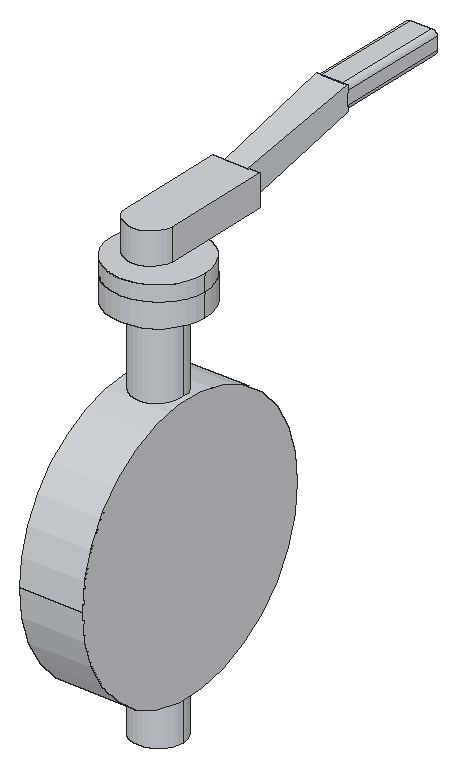
Revit family "HS497-67_disk-litina-s pákou DN200-RFA_2019", category Pipe Accessories, Revit 2019
Family settings
  Round Connector Dimension = Use Diameter
  Part Type = Valve - Breaks Into
  Work Plane-Based = No
  Always vertical = Yes
  Cut with Voids When Loaded = No
  Shared = No
Parameters (values of type "HS 497-67_DN200_PN16_s pákou")
  magiProductId = "f88d96c7af224537a51e72d7d8fffe"
  magiProductFamilyId = "53cea81e6f374d17b8841d9c72ad77"
  magiPartTypeId = 305
  isMeasuringValve [instance] = no
  ang2D [instance] = 0.00°
  X11 = 61.456 mm
  X1 = 25.456 mm
  W2D = 1000 mm
  VersionID = "2.0/2017.9.26.1/ZETKAMA_497_001"
  Use Minimum Symbol Size [instance] = yes
  URL = "http://www.hydronix.cz"
  Type Comments = "mezipřírubová; litinový disk; PN16; -10~+110°C (krátkodobě +120°C)"
  SW30 = no
  SW3 = no
  SW21 = no
  SW20 = yes
  SW2 = yes
  SW1 = no
  R = 100 mm
  QmdConnectorList = "301;D;302;D"
  Productdata [instance] = ""
  NC = 50 mm
  Model = ""
  Manufacturer = "Hydronix"  # constant formula
  MM20 = 25.456 mm
  MC Product Code = "120 200 (litinový disk, s pákou; DN200; PN16, kvs2675)"
  M41 = 66 mm
  M4 = 44 mm
  LHL = 315 mm
  LHH3 = 3.75 mm
  LHH1 = 71.25 mm
  LH1 = 105 mm
  L4R__ve = -L4R  # -12.8 mm
  L4R = 12.8 mm
  L42__ve = -L42  # -96 mm
  L42 = 96 mm
  L41__ve = -L41  # -19.2 mm
  L41 = 19.2 mm
  L2D_Min = 3048 mm
  L2D = 216 mm
  L2 = 30 mm
  L1 = 48 mm
  L = 60 mm
  H = 33 mm
  G22 = 11.25 mm
  G2 = 22.5 mm
  G1 = 90 mm
  G = 90 mm
  F = 17 mm
  E44 = 31.25 mm
  E42 = 62.5 mm
  E4 = 125 mm
  E23 = 7.5 mm
  E22 = 30 mm
  E21 = 15 mm
  Description = "Mezipřírubová uzavírací klapka s pákou; litinový disk, DN200; PN16; kvs2675"
  DR2 = 100 mm
  DR = 257 mm
  DD1 = 15.625 mm
  DD = 12.5 mm
  D = 200 mm
  CAT0 = yes
  B2__ve = -B2  # -70 mm
  B2 = 70 mm
  A2 = 22.5 mm
  A1 = 102.5 mm
Types (43, lengths in mm): name | magiProductId | X11 | X1 | Type Comments | SW30 | SW3 | SW20 | SW2 | SW1 | R | NC | MM20 | MC Product Code | M41 | M4 | LHL | LHH3 | LHH1 | LH1 | L4R__ve | L4R | L42__ve | L42 | L41__ve | L41 | L2 | L1 | L | H | G | F | E44 | E42 | E4 | E23 | E22 | E21 | Description | DR2 | DR | DD1 | DD | D | B2__ve | B2 | A2 | A1
  HS 497-67_DN100_PN16_volné vřeteno | "65d1b245f4f142c78569c0602d5754" | 61.456 | 25.456 | "mezipřírubová; litinový disk; PN16; -10~+110°C (krátkodobě +120°C)" | no | no | no | no | yes | 50 | 50 | 25.456 | "123 100 (litinový disk, s volným vřetenem; DN100; PN16, kvs512)" | 66 | 44 | 220 | 2.45 | 46.55 | 73.333 | -12.8 | 12.8 | -96 | 96 | -19.2 | 19.2 | 26 | 41.6 | 52 | 30 | 90 | 11 | 31.25 | 62.5 | 125 | 4.9 | 19.6 | 9.8 | "Mezipřírubová uzavírací klapka s volným vřetenem; litinový disk, DN100; PN16; kvs512" | 50 | 147 | 15.625 | 12.5 | 100 | -56 | 56 | 16.5 | 98.5
  HS 497-67_DN100_PN16_převodové kolo | "11e91b807e674d428c8e796fcdcfe2" | 61.456 | 25.456 | "mezipřírubová; litinový disk; PN16; -10~+110°C (krátkodobě +120°C)" | yes | yes | no | no | no | 50 | 50 | 25.456 | "125 100 (litinový disk, s převodovým kolem; DN100; PN16, kvs512)" | 65.25 | 43.5 | 220 | 2.45 | 46.55 | 73.333 | -12.8 | 12.8 | -96 | 96 | -19.2 | 19.2 | 26 | 41.6 | 52 | 30 | 90 | 11 | 31.25 | 62.5 | 125 | 4.9 | 19.6 | 9.8 | "Mezipřírubová uzavírací klapka s převodovým kolem; litinový disk, DN100; PN16; kvs512" | 50 | 147 | 15.625 | 12.5 | 100 | -56 | 56 | 16.5 | 98.5
  HS 497-67_DN100_PN16_s pákou | "28172f0b3f4b47b28323ac71cf8749" | 61.456 | 25.456 | "mezipřírubová; litinový disk; PN16; -10~+110°C (krátkodobě +120°C)" | no | no | yes | yes | no | 50 | 50 | 25.456 | "120 100 (litinový disk, s pákou; DN100; PN16, kvs512)" | 66 | 44 | 260 | 3 | 57 | 86.667 | -12.8 | 12.8 | -96 | 96 | -19.2 | 19.2 | 26 | 41.6 | 52 | 30 | 90 | 11 | 31.25 | 62.5 | 125 | 6 | 24 | 12 | "Mezipřírubová uzavírací klapka s pákou; litinový disk, DN100; PN16; kvs512" | 50 | 147 | 15.625 | 12.5 | 100 | -56 | 56 | 16.5 | 98.5
  HS 497-67_DN125_PN16_volné vřeteno | "0d813d910fc14f628bb3c2efbd185c" | 61.456 | 25.456 | "mezipřírubová; litinový disk; PN16; -10~+110°C (krátkodobě +120°C)" | no | no | no | no | yes | 62.5 | 50 | 25.456 | "123 125 (litinový disk, s volným vřetenem; DN125; PN16, kvs872)" | 66 | 44 | 220 | 2.45 | 46.55 | 73.333 | -12.8 | 12.8 | -96 | 96 | -19.2 | 19.2 | 28 | 44.8 | 56 | 33 | 90 | 14 | 31.25 | 62.5 | 125 | 4.9 | 19.6 | 9.8 | "Mezipřírubová uzavírací klapka s volným vřetenem; litinový disk, DN125; PN16; kvs872" | 62.5 | 180 | 15.625 | 12.5 | 125 | -64 | 64 | 18 | 99.5
  HS 497-67_DN125_PN16_převodové kolo | "c56b7c13f372467684996fb1e0e229" | 61.456 | 25.456 | "mezipřírubová; litinový disk; PN16; -10~+110°C (krátkodobě +120°C)" | yes | yes | no | no | no | 62.5 | 50 | 25.456 | "125 125 (litinový disk, s převodovým kolem; DN125; PN16, kvs872)" | 65.25 | 43.5 | 220 | 2.45 | 46.55 | 73.333 | -13.5 | 13.5 | -101.25 | 101.25 | -20.25 | 20.25 | 28 | 44.8 | 56 | 33 | 90 | 14 | 40 | 80 | 160 | 4.9 | 19.6 | 9.8 | "Mezipřírubová uzavírací klapka s převodovým kolem; litinový disk, DN125; PN16; kvs872" | 62.5 | 180 | 20 | 16 | 125 | -64 | 64 | 18 | 99.5
  HS 497-67_DN125_PN16_s pákou | "105993c79a91492399feef7931321a" | 61.456 | 25.456 | "mezipřírubová; litinový disk; PN16; -10~+110°C (krátkodobě +120°C)" | no | no | yes | yes | no | 62.5 | 50 | 25.456 | "120 125 (litinový disk, s pákou; DN125; PN16, kvs872)" | 66 | 44 | 315 | 3.75 | 71.25 | 105 | -12.8 | 12.8 | -96 | 96 | -19.2 | 19.2 | 28 | 44.8 | 56 | 33 | 90 | 14 | 31.25 | 62.5 | 125 | 7.5 | 30 | 15 | "Mezipřírubová uzavírací klapka s pákou; litinový disk, DN125; PN16; kvs872" | 62.5 | 180 | 15.625 | 12.5 | 125 | -64 | 64 | 18 | 99.5
  HS 497-67_DN150_PN16_volné vřeteno | "50c80cb8ab434f55ab7796e5ac1331" | 61.456 | 25.456 | "mezipřírubová; litinový disk; PN16; -10~+110°C (krátkodobě +120°C)" | no | no | no | no | yes | 75 | 50 | 25.456 | "123 150 (litinový disk, s volným vřetenem; DN150; PN16, kvs1347)" | 66 | 44 | 220 | 2.45 | 46.55 | 73.333 | -12.8 | 12.8 | -96 | 96 | -19.2 | 19.2 | 28 | 44.8 | 56 | 33 | 90 | 14 | 31.25 | 62.5 | 125 | 4.9 | 19.6 | 9.8 | "Mezipřírubová uzavírací klapka s volným vřetenem; litinový disk, DN150; PN16; kvs1347" | 75 | 206 | 15.625 | 12.5 | 150 | -58 | 58 | 19.3 | 98.7
  HS 497-67_DN150_PN16_převodové kolo | "d94a1a0cf83b476eb10011b327f709" | 61.456 | 25.456 | "mezipřírubová; litinový disk; PN16; -10~+110°C (krátkodobě +120°C)" | yes | yes | no | no | no | 75 | 50 | 25.456 | "125 150 (litinový disk, s převodovým kolem; DN150; PN16, kvs1347)" | 65.25 | 43.5 | 220 | 2.45 | 46.55 | 73.333 | -13.5 | 13.5 | -101.25 | 101.25 | -20.25 | 20.25 | 28 | 44.8 | 56 | 33 | 90 | 14 | 40 | 80 | 160 | 4.9 | 19.6 | 9.8 | "Mezipřírubová uzavírací klapka s převodovým kolem; litinový disk, DN150; PN16; kvs1347" | 75 | 206 | 20 | 16 | 150 | -58 | 58 | 19.3 | 98.7
  HS 497-67_DN150_PN16_s pákou | "4d2835523fe84828bc50ff0a5a0dfb" | 61.456 | 25.456 | "mezipřírubová; litinový disk; PN16; -10~+110°C (krátkodobě +120°C)" | no | no | yes | yes | no | 75 | 50 | 25.456 | "120 150 (litinový disk, s pákou; DN150; PN16, kvs1347)" | 66 | 44 | 315 | 3.75 | 71.25 | 105 | -12.8 | 12.8 | -96 | 96 | -19.2 | 19.2 | 28 | 44.8 | 56 | 33 | 90 | 14 | 31.25 | 62.5 | 125 | 7.5 | 30 | 15 | "Mezipřírubová uzavírací klapka s pákou; litinový disk, DN150; PN16; kvs1347" | 75 | 206 | 15.625 | 12.5 | 150 | -58 | 58 | 19.3 | 98.7
  HS 497-67_DN200_PN16_volné vřeteno | "5b29029eaeba47139ee1055a4b9201" | 61.456 | 25.456 | "mezipřírubová; litinový disk; PN16; -10~+110°C (krátkodobě +120°C)" | no | no | no | no | yes | 100 | 50 | 25.456 | "123 200 (litinový disk, s volným vřetenem; DN200; PN16, kvs2675)" | 66 | 44 | 220 | 2.45 | 46.55 | 73.333 | -12.8 | 12.8 | -96 | 96 | -19.2 | 19.2 | 30 | 48 | 60 | 33 | 90 | 17 | 31.25 | 62.5 | 125 | 4.9 | 19.6 | 9.8 | "Mezipřírubová uzavírací klapka s volným vřetenem; litinový disk, DN200; PN16; kvs2675" | 100 | 257 | 15.625 | 12.5 | 200 | -70 | 70 | 22.5 | 102.5
  HS 497-67_DN200_PN16_převodové kolo | "b2793cc1fcc44cf2a35062cd67c04f" | 61.456 | 25.456 | "mezipřírubová; litinový disk; PN16; -10~+110°C (krátkodobě +120°C)" | yes | yes | no | no | no | 100 | 57 | 25.456 | "125 200 (litinový disk, s převodovým kolem; DN200; PN16, kvs2675)" | 78.75 | 52.5 | 220 | 2.45 | 46.55 | 73.333 | -15.2 | 15.2 | -114 | 114 | -22.8 | 22.8 | 30 | 48 | 60 | 33 | 90 | 17 | 50 | 100 | 200 | 4.9 | 19.6 | 9.8 | "Mezipřírubová uzavírací klapka s převodovým kolem; litinový disk, DN200; PN16; kvs2675" | 100 | 257 | 25 | 20 | 200 | -70 | 70 | 22.5 | 102.5
  HS 497-67_DN200_PN16_s pákou | "f88d96c7af224537a51e72d7d8fffe" | 61.456 | 25.456 | "mezipřírubová; litinový disk; PN16; -10~+110°C (krátkodobě +120°C)" | no | no | yes | yes | no | 100 | 50 | 25.456 | "120 200 (litinový disk, s pákou; DN200; PN16, kvs2675)" | 66 | 44 | 315 | 3.75 | 71.25 | 105 | -12.8 | 12.8 | -96 | 96 | -19.2 | 19.2 | 30 | 48 | 60 | 33 | 90 | 17 | 31.25 | 62.5 | 125 | 7.5 | 30 | 15 | "Mezipřírubová uzavírací klapka s pákou; litinový disk, DN200; PN16; kvs2675" | 100 | 257 | 15.625 | 12.5 | 200 | -70 | 70 | 22.5 | 102.5
  HS 497-67_DN250_PN16_volné vřeteno | "b662e8305ca2402b9c510e66e6aa55" | 88.77 | 36.77 | "mezipřírubová; litinový disk; PN16; -10~+110°C (krátkodobě +120°C)" | no | no | no | no | yes | 125 | 50 | 36.77 | "123 250 (litinový disk, s volným vřetenem; DN250; PN16, kvs4555)" | 66 | 44 | 220 | 2.45 | 46.55 | 73.333 | -12.8 | 12.8 | -96 | 96 | -19.2 | 19.2 | 34 | 54.4 | 68 | 23 | 130 | 22 | 31.25 | 62.5 | 125 | 4.9 | 19.6 | 9.8 | "Mezipřírubová uzavírací klapka s volným vřetenem; litinový disk, DN250; PN16; kvs4555" | 125 | 324 | 15.625 | 12.5 | 250 | -85 | 85 | 28.25 | 129.25
  HS 497-67_DN250_PN16_převodové kolo | "5ee9016806664ddfaa2632711f295c" | 88.77 | 36.77 | "mezipřírubová; litinový disk; PN16; -10~+110°C (krátkodobě +120°C)" | yes | yes | no | no | no | 125 | 70 | 36.77 | "125 250 (litinový disk, s převodovým kolem; DN250; PN16, kvs4555)" | 91.5 | 61 | 220 | 2.45 | 46.55 | 73.333 | -22.2 | 22.2 | -166.5 | 166.5 | -33.3 | 33.3 | 34 | 54.4 | 68 | 23 | 130 | 22 | 62.5 | 125 | 250 | 4.9 | 19.6 | 9.8 | "Mezipřírubová uzavírací klapka s převodovým kolem; litinový disk, DN250; PN16; kvs4555" | 125 | 324 | 31.25 | 25 | 250 | -85 | 85 | 28.25 | 129.25
  HS 497-67_DN300_PN16_volné vřeteno | "e1886f51ff004380a649519258edf2" | 88.77 | 36.77 | "mezipřírubová; litinový disk; PN16; -10~+110°C (krátkodobě +120°C)" | no | no | no | no | yes | 150 | 50 | 36.77 | "123 300 (litinový disk, s volným vřetenem; DN300; PN16, kvs7037)" | 66 | 44 | 220 | 2.45 | 46.55 | 73.333 | -12.8 | 12.8 | -96 | 96 | -19.2 | 19.2 | 39 | 62.4 | 78 | 23 | 130 | 22 | 31.25 | 62.5 | 125 | 4.9 | 19.6 | 9.8 | "Mezipřírubová uzavírací klapka s volným vřetenem; litinový disk, DN300; PN16; kvs7037" | 150 | 376 | 15.625 | 12.5 | 300 | -90 | 90 | 30.8 | 127.2
  HS 497-67_DN300_PN16_převodové kolo | "6860f094f77d42088fbebc3c97f755" | 88.77 | 36.77 | "mezipřírubová; litinový disk; PN16; -10~+110°C (krátkodobě +120°C)" | yes | yes | no | no | no | 150 | 70 | 36.77 | "125 300 (litinový disk, s převodovým kolem; DN300; PN16, kvs7037)" | 91.5 | 61 | 220 | 2.45 | 46.55 | 73.333 | -22.2 | 22.2 | -166.5 | 166.5 | -33.3 | 33.3 | 39 | 62.4 | 78 | 23 | 130 | 22 | 62.5 | 125 | 250 | 4.9 | 19.6 | 9.8 | "Mezipřírubová uzavírací klapka s převodovým kolem; litinový disk, DN300; PN16; kvs7037" | 150 | 376 | 31.25 | 25 | 300 | -90 | 90 | 30.8 | 127.2
  HS 497-67_DN032_PN16_volné vřeteno | "8c5f65de52aa4067a77564107e31b2" | 61.456 | 25.456 | "mezipřírubová; litinový disk; PN16; -10~+110°C (krátkodobě +120°C)" | no | no | no | no | yes | 16 | 50 | 25.456 | "123 032 (litinový disk, s volným vřetenem; DN32; PN16, kvs78)" | 66 | 44 | 220 | 2.45 | 46.55 | 73.333 | -12.8 | 12.8 | -96 | 96 | -19.2 | 19.2 | 16.5 | 26.4 | 33 | 30 | 90 | 11 | 31.25 | 62.5 | 125 | 4.9 | 19.6 | 9.8 | "Mezipřírubová uzavírací klapka s volným vřetenem; litinový disk, DN32; PN16; kvs78" | 16 | 68 | 15.625 | 12.5 | 32 | -44.2 | 44.2 | 10.25 | 76.25
  HS 497-67_DN032_PN16_převodové kolo | "60aaeffa8b3a4e809ef000e4660060" | 61.456 | 25.456 | "mezipřírubová; litinový disk; PN16; -10~+110°C (krátkodobě +120°C)" | yes | yes | no | no | no | 16 | 50 | 25.456 | "125 032 (litinový disk, s převodovým kolem; DN32; PN16, kvs78)" | 65.25 | 43.5 | 220 | 2.45 | 46.55 | 73.333 | -12.8 | 12.8 | -96 | 96 | -19.2 | 19.2 | 16.5 | 26.4 | 33 | 30 | 90 | 11 | 31.25 | 62.5 | 125 | 4.9 | 19.6 | 9.8 | "Mezipřírubová uzavírací klapka s převodovým kolem; litinový disk, DN32; PN16; kvs78" | 16 | 68 | 15.625 | 12.5 | 32 | -44.2 | 44.2 | 10.25 | 76.25
  HS 497-67_DN032_PN16_s pákou | "9ad8088d610749a1b871aa2aad8007" | 61.456 | 25.456 | "mezipřírubová; litinový disk; PN16; -10~+110°C (krátkodobě +120°C)" | no | no | yes | yes | no | 16 | 50 | 25.456 | "120 032 (litinový disk, s pákou; DN32; PN16, kvs78)" | 66 | 44 | 220 | 2.45 | 46.55 | 73.333 | -12.8 | 12.8 | -96 | 96 | -19.2 | 19.2 | 16.5 | 26.4 | 33 | 30 | 90 | 11 | 31.25 | 62.5 | 125 | 4.9 | 19.6 | 9.8 | "Mezipřírubová uzavírací klapka s pákou; litinový disk, DN32; PN16; kvs78" | 16 | 68 | 15.625 | 12.5 | 32 | -44.2 | 44.2 | 10.25 | 76.25
  HS 497-67_DN350_PN10_volné vřeteno | "72a1e05f22944421b7e9596a877137" | 109.255 | 45.255 | "mezipřírubová; litinový disk; PN10; -10~+110°C (krátkodobě +120°C)" | no | no | no | no | yes | 175 | 50 | 45.255 | "123 350 (litinový disk, s volným vřetenem; DN350; PN10, kvs10165)" | 66 | 44 | 220 | 2.45 | 46.55 | 73.333 | -12.8 | 12.8 | -96 | 96 | -19.2 | 19.2 | 39 | 62.4 | 78 | 31 | 160 | 22 | 31.25 | 62.5 | 125 | 4.9 | 19.6 | 9.8 | "Mezipřírubová uzavírací klapka s volným vřetenem; litinový disk, DN350; PN10; kvs10165" | 175 | 430 | 15.625 | 12.5 | 350 | -88 | 88 | 33.85 | 129.65
  HS 497-67_DN350_PN10_převodové kolo | "a5a01426cb28494ba3afca92f1dace" | 109.255 | 45.255 | "mezipřírubová; litinový disk; PN10; -10~+110°C (krátkodobě +120°C)" | yes | yes | no | no | no | 175 | 70 | 45.255 | "125 350 (litinový disk, s převodovým kolem; DN350; PN10, kvs10165)" | 91.5 | 61 | 220 | 2.45 | 46.55 | 73.333 | -22.2 | 22.2 | -166.5 | 166.5 | -33.3 | 33.3 | 39 | 62.4 | 78 | 31 | 160 | 22 | 62.5 | 125 | 250 | 4.9 | 19.6 | 9.8 | "Mezipřírubová uzavírací klapka s převodovým kolem; litinový disk, DN350; PN10; kvs10165" | 175 | 430 | 31.25 | 25 | 350 | -88 | 88 | 33.85 | 129.65
  HS 497-67_DN400_PN10_volné vřeteno | "c70ebeb927c04ab99b176e257ad0a7" | 109.255 | 45.255 | "mezipřírubová; litinový disk; PN10; -10~+110°C (krátkodobě +120°C)" | no | no | no | no | yes | 200 | 50 | 45.255 | "123 400 (litinový disk, s volným vřetenem; DN400; PN10, kvs13799)" | 66 | 44 | 220 | 2.45 | 46.55 | 73.333 | -12.8 | 12.8 | -96 | 96 | -19.2 | 19.2 | 51 | 81.6 | 102 | 31 | 160 | 27 | 31.25 | 62.5 | 125 | 4.9 | 19.6 | 9.8 | "Mezipřírubová uzavírací klapka s volným vřetenem; litinový disk, DN400; PN10; kvs13799" | 200 | 485 | 15.625 | 12.5 | 400 | -108 | 108 | 38 | 142
  HS 497-67_DN400_PN10_převodové kolo | "cc64a4384dcb41b780d81810f4f293" | 109.255 | 45.255 | "mezipřírubová; litinový disk; PN10; -10~+110°C (krátkodobě +120°C)" | yes | yes | no | no | no | 200 | 72.5 | 45.255 | "125 400 (litinový disk, s převodovým kolem; DN400; PN10, kvs13799)" | 103.5 | 69 | 220 | 2.45 | 46.55 | 73.333 | -27.8 | 27.8 | -208.5 | 208.5 | -41.7 | 41.7 | 51 | 81.6 | 102 | 31 | 160 | 27 | 75 | 150 | 300 | 4.9 | 19.6 | 9.8 | "Mezipřírubová uzavírací klapka s převodovým kolem; litinový disk, DN400; PN10; kvs13799" | 200 | 485 | 37.5 | 30 | 400 | -108 | 108 | 38 | 142
  HS 497-67_DN040_PN16_volné vřeteno | "35f92312390745e88df5b5c325d9ee" | 61.456 | 25.456 | "mezipřírubová; litinový disk; PN16; -10~+110°C (krátkodobě +120°C)" | no | no | no | no | yes | 20 | 50 | 25.456 | "123 040 (litinový disk, s volným vřetenem; DN40; PN16, kvs78)" | 66 | 44 | 220 | 2.45 | 46.55 | 73.333 | -12.8 | 12.8 | -96 | 96 | -19.2 | 19.2 | 16.5 | 26.4 | 33 | 30 | 90 | 11 | 31.25 | 62.5 | 125 | 4.9 | 19.6 | 9.8 | "Mezipřírubová uzavírací klapka s volným vřetenem; litinový disk, DN40; PN16; kvs78" | 20 | 76 | 15.625 | 12.5 | 40 | -36 | 36 | 11 | 79
  HS 497-67_DN040_PN16_převodové kolo | "d88e968eae3445bc9b7b4e6ff35127" | 61.456 | 25.456 | "mezipřírubová; litinový disk; PN16; -10~+110°C (krátkodobě +120°C)" | yes | yes | no | no | no | 20 | 50 | 25.456 | "125 040 (litinový disk, s převodovým kolem; DN40; PN16, kvs78)" | 65.25 | 43.5 | 220 | 2.45 | 46.55 | 73.333 | -12.8 | 12.8 | -96 | 96 | -19.2 | 19.2 | 16.5 | 26.4 | 33 | 30 | 90 | 11 | 31.25 | 62.5 | 125 | 4.9 | 19.6 | 9.8 | "Mezipřírubová uzavírací klapka s převodovým kolem; litinový disk, DN40; PN16; kvs78" | 20 | 76 | 15.625 | 12.5 | 40 | -36 | 36 | 11 | 79
  HS 497-67_DN040_PN16_s pákou | "c1b522ca65b4407a98818f232eaacb" | 61.456 | 25.456 | "mezipřírubová; litinový disk; PN16; -10~+110°C (krátkodobě +120°C)" | no | no | yes | yes | no | 20 | 50 | 25.456 | "120 040 (litinový disk, s pákou; DN40; PN16, kvs78)" | 66 | 44 | 220 | 2.45 | 46.55 | 73.333 | -12.8 | 12.8 | -96 | 96 | -19.2 | 19.2 | 16.5 | 26.4 | 33 | 30 | 90 | 11 | 31.25 | 62.5 | 125 | 4.9 | 19.6 | 9.8 | "Mezipřírubová uzavírací klapka s pákou; litinový disk, DN40; PN16; kvs78" | 20 | 76 | 15.625 | 12.5 | 40 | -36 | 36 | 11 | 79
  HS 497-67_DN450_PN10_volné vřeteno | "a8358bc282f14872b3194e530e590a" | 129.74 | 53.74 | "mezipřírubová; litinový disk; PN10; -10~+110°C (krátkodobě +120°C)" | no | no | no | no | yes | 225 | 50 | 53.74 | "123 450 (litinový disk, s volným vřetenem; DN450; PN10, kvs18514)" | 66 | 44 | 220 | 2.45 | 46.55 | 73.333 | -12.8 | 12.8 | -96 | 96 | -19.2 | 19.2 | 57 | 91.2 | 114 | 38 | 190 | 36 | 31.25 | 62.5 | 125 | 4.9 | 19.6 | 9.8 | "Mezipřírubová uzavírací klapka s volným vřetenem; litinový disk, DN450; PN10; kvs18514" | 225 | 536 | 15.625 | 12.5 | 450 | -115 | 115 | 38.05 | 117.45
  HS 497-67_DN450_PN10_převodové kolo | "cdf2d80f54a9414f9cbe50647c0ebd" | 129.74 | 53.74 | "mezipřírubová; litinový disk; PN10; -10~+110°C (krátkodobě +120°C)" | yes | yes | no | no | no | 225 | 91.5 | 53.74 | "125 450 (litinový disk, s převodovým kolem; DN450; PN10, kvs18514)" | 144.75 | 96.5 | 220 | 2.45 | 46.55 | 73.333 | -32.1 | 32.1 | -240.75 | 240.75 | -48.15 | 48.15 | 57 | 91.2 | 114 | 38 | 190 | 36 | 100 | 200 | 400 | 4.9 | 19.6 | 9.8 | "Mezipřírubová uzavírací klapka s převodovým kolem; litinový disk, DN450; PN10; kvs18514" | 225 | 536 | 50 | 40 | 450 | -115 | 115 | 38.05 | 117.45
  HS 497-67_DN500_PN10_volné vřeteno | "8c396e27bb2743f98f3c762b6517cd" | 143.397 | 59.397 | "mezipřírubová; litinový disk; PN10; -10~+110°C (krátkodobě +120°C)" | no | no | no | no | yes | 250 | 50 | 59.397 | "123 500 (litinový disk, s volným vřetenem; DN500; PN10, kvs23805)" | 66 | 44 | 220 | 2.45 | 46.55 | 73.333 | -12.8 | 12.8 | -96 | 96 | -19.2 | 19.2 | 63.5 | 101.6 | 127 | 38 | 210 | 36 | 31.25 | 62.5 | 125 | 4.9 | 19.6 | 9.8 | "Mezipřírubová uzavírací klapka s volným vřetenem; litinový disk, DN500; PN10; kvs23805" | 250 | 593 | 15.625 | 12.5 | 500 | -130 | 130 | 43.25 | 139.25
  HS 497-67_DN500_PN10_převodové kolo | "7647804f32e94cef828a7034a91a46" | 143.397 | 59.397 | "mezipřírubová; litinový disk; PN10; -10~+110°C (krátkodobě +120°C)" | yes | yes | no | no | no | 250 | 91.5 | 59.397 | "125 500 (litinový disk, s převodovým kolem; DN500; PN10, kvs23805)" | 144.75 | 96.5 | 220 | 2.45 | 46.55 | 73.333 | -32.1 | 32.1 | -240.75 | 240.75 | -48.15 | 48.15 | 63.5 | 101.6 | 127 | 38 | 210 | 36 | 100 | 200 | 400 | 4.9 | 19.6 | 9.8 | "Mezipřírubová uzavírací klapka s převodovým kolem; litinový disk, DN500; PN10; kvs23805" | 250 | 593 | 50 | 40 | 500 | -130 | 130 | 43.25 | 139.25
  HS 497-67_DN050_PN16_volné vřeteno | "d71f296ecd6d4adf8f6e5d9853b4e0" | 61.456 | 25.456 | "mezipřírubová; litinový disk; PN16; -10~+110°C (krátkodobě +120°C)" | no | no | no | no | yes | 25 | 50 | 25.456 | "123 050 (litinový disk, s volným vřetenem; DN50; PN16, kvs98)" | 66 | 44 | 220 | 2.45 | 46.55 | 73.333 | -12.8 | 12.8 | -96 | 96 | -19.2 | 19.2 | 21.5 | 34.4 | 43 | 30 | 90 | 11 | 31.25 | 62.5 | 125 | 4.9 | 19.6 | 9.8 | "Mezipřírubová uzavírací klapka s volným vřetenem; litinový disk, DN50; PN16; kvs98" | 25 | 100 | 15.625 | 12.5 | 50 | -36.5 | 36.5 | 12 | 83
  HS 497-67_DN050_PN16_převodové kolo | "2fb080deeaed49c58418b94c1da5a4" | 61.456 | 25.456 | "mezipřírubová; litinový disk; PN16; -10~+110°C (krátkodobě +120°C)" | yes | yes | no | no | no | 25 | 50 | 25.456 | "125 050 (litinový disk, s převodovým kolem; DN50; PN16, kvs98)" | 65.25 | 43.5 | 220 | 2.45 | 46.55 | 73.333 | -12.8 | 12.8 | -96 | 96 | -19.2 | 19.2 | 21.5 | 34.4 | 43 | 30 | 90 | 11 | 31.25 | 62.5 | 125 | 4.9 | 19.6 | 9.8 | "Mezipřírubová uzavírací klapka s převodovým kolem; litinový disk, DN50; PN16; kvs98" | 25 | 100 | 15.625 | 12.5 | 50 | -36.5 | 36.5 | 12 | 83
  HS 497-67_DN050_PN16_s pákou | "dabc632061f94877a994b9b4e68112" | 61.456 | 25.456 | "mezipřírubová; litinový disk; PN16; -10~+110°C (krátkodobě +120°C)" | no | no | yes | yes | no | 25 | 50 | 25.456 | "120 050 (litinový disk, s pákou; DN50; PN16, kvs98)" | 66 | 44 | 220 | 2.45 | 46.55 | 73.333 | -12.8 | 12.8 | -96 | 96 | -19.2 | 19.2 | 21.5 | 34.4 | 43 | 30 | 90 | 11 | 31.25 | 62.5 | 125 | 4.9 | 19.6 | 9.8 | "Mezipřírubová uzavírací klapka s pákou; litinový disk, DN50; PN16; kvs98" | 25 | 100 | 15.625 | 12.5 | 50 | -36.5 | 36.5 | 12 | 83
  HS 497-67_DN600_PN10_volné vřeteno | "99d5892c14664fce81a7c5903f7711" | 143.397 | 59.397 | "mezipřírubová; litinový disk; PN10; -10~+110°C (krátkodobě +120°C)" | no | no | no | no | yes | 300 | 50 | 59.397 | "123 600 (litinový disk, s volným vřetenem; DN600; PN10, kvs36778)" | 66 | 44 | 220 | 2.45 | 46.55 | 73.333 | -12.8 | 12.8 | -96 | 96 | -19.2 | 19.2 | 77 | 123.2 | 154 | 80 | 210 | 60 | 31.25 | 62.5 | 125 | 4.9 | 19.6 | 9.8 | "Mezipřírubová uzavírací klapka s volným vřetenem; litinový disk, DN600; PN10; kvs36788" | 300 | 690 | 15.625 | 12.5 | 600 | -140 | 140 | 49.4 | 144.6
  HS 497-67_DN600_PN10_převodové kolo | "b1e26faab48a4c499f6bb11e7e3002" | 143.397 | 59.397 | "mezipřírubová; litinový disk; PN10; -10~+110°C (krátkodobě +120°C)" | yes | yes | no | no | no | 300 | 140 | 59.397 | "125 600 (litinový disk, s převodovým kolem; DN600; PN10, kvs36778)" | 206.25 | 137.5 | 220 | 2.45 | 46.55 | 73.333 | -40.8 | 40.8 | -306 | 306 | -61.2 | 61.2 | 77 | 123.2 | 154 | 80 | 210 | 60 | 125 | 250 | 500 | 4.9 | 19.6 | 9.8 | "Mezipřírubová uzavírací klapka s převodovým kolem; litinový disk, DN600; PN10; kvs36788" | 300 | 690 | 62.5 | 50 | 600 | -140 | 140 | 49.4 | 144.6
  HS 497-67_DN065_PN16_volné vřeteno | "5e5e208646e34ec29f889baab5d08e" | 61.456 | 25.456 | "mezipřírubová; litinový disk; PN16; -10~+110°C (krátkodobě +120°C)" | no | no | no | no | yes | 32.5 | 50 | 25.456 | "123 065 (litinový disk, s volným vřetenem; DN65; PN16, kvs167)" | 66 | 44 | 220 | 2.45 | 46.55 | 73.333 | -12.8 | 12.8 | -96 | 96 | -19.2 | 19.2 | 23 | 36.8 | 46 | 30 | 90 | 11 | 31.25 | 62.5 | 125 | 4.9 | 19.6 | 9.8 | "Mezipřírubová uzavírací klapka s volným vřetenem; litinový disk, DN65; PN16; kv167" | 32.5 | 108 | 15.625 | 12.5 | 65 | -36.5 | 36.5 | 13.5 | 89
  HS 497-67_DN065_PN16_převodové kolo | "654d74c8d15540b0bfe523d988ccb3" | 61.456 | 25.456 | "mezipřírubová; litinový disk; PN16; -10~+110°C (krátkodobě +120°C)" | yes | yes | no | no | no | 32.5 | 50 | 25.456 | "125 065 (litinový disk, s převodovým kolem; DN65; PN16, kvs167)" | 65.25 | 43.5 | 220 | 2.45 | 46.55 | 73.333 | -12.8 | 12.8 | -96 | 96 | -19.2 | 19.2 | 23 | 36.8 | 46 | 30 | 90 | 11 | 31.25 | 62.5 | 125 | 4.9 | 19.6 | 9.8 | "Mezipřírubová uzavírací klapka s převodovým kolem; litinový disk, DN65; PN16; kvs167" | 32.5 | 108 | 15.625 | 12.5 | 65 | -36.5 | 36.5 | 13.5 | 89
  HS 497-67_DN065_PN16_s pákou | "ebeb4b59db0641caaf6d6635ab37b9" | 61.456 | 25.456 | "mezipřírubová; litinový disk; PN16; -10~+110°C (krátkodobě +120°C)" | no | no | yes | yes | no | 32.5 | 50 | 25.456 | "120 065 (litinový disk, s pákou; DN65; PN16, kvs167)" | 66 | 44 | 220 | 2.45 | 46.55 | 73.333 | -12.8 | 12.8 | -96 | 96 | -19.2 | 19.2 | 23 | 36.8 | 46 | 30 | 90 | 11 | 31.25 | 62.5 | 125 | 4.9 | 19.6 | 9.8 | "Mezipřírubová uzavírací klapka s pákou; litinový disk, DN65; PN16; kvs167" | 32.5 | 108 | 15.625 | 12.5 | 65 | -36.5 | 36.5 | 13.5 | 89
  HS 497-67_DN080_PN16_volné vřeteno | "9e85c75c18654e1185a9c48ed6b00e" | 61.456 | 25.456 | "mezipřírubová; litinový disk; PN16; -10~+110°C (krátkodobě +120°C)" | no | no | no | no | yes | 40 | 50 | 25.456 | "123 080 (litinový disk, s volným vřetenem; DN80; PN16, kvs258)" | 66 | 44 | 220 | 2.45 | 46.55 | 73.333 | -12.8 | 12.8 | -96 | 96 | -19.2 | 19.2 | 23 | 36.8 | 46 | 30 | 90 | 11 | 31.25 | 62.5 | 125 | 4.9 | 19.6 | 9.8 | "Mezipřírubová uzavírací klapka s volným vřetenem; litinový disk, DN80; PN16; kvs258" | 40 | 124 | 15.625 | 12.5 | 80 | -54 | 54 | 14.1 | 86.9
  HS 497-67_DN080_PN16_převodové kolo | "5b3c8238c3d041e68c75b199e7ea46" | 61.456 | 25.456 | "mezipřírubová; litinový disk; PN16; -10~+110°C (krátkodobě +120°C)" | yes | yes | no | no | no | 40 | 50 | 25.456 | "125 080 (litinový disk, s převodovým kolem; DN80; PN16, kvs258)" | 65.25 | 43.5 | 220 | 2.45 | 46.55 | 73.333 | -12.8 | 12.8 | -96 | 96 | -19.2 | 19.2 | 23 | 36.8 | 46 | 30 | 90 | 11 | 31.25 | 62.5 | 125 | 4.9 | 19.6 | 9.8 | "Mezipřírubová uzavírací klapka s převodovým kolem; litinový disk, DN80; PN16; kvs258" | 40 | 124 | 15.625 | 12.5 | 80 | -54 | 54 | 14.1 | 86.9
  HS 497-67_DN080_PN16_s pákou | "e414795fab0f4eccb99bc3572c5477" | 61.456 | 25.456 | "mezipřírubová; litinový disk; PN16; -10~+110°C (krátkodobě +120°C)" | no | no | yes | yes | no | 40 | 50 | 25.456 | "120 080 (litinový disk, s pákou; DN80; PN16, kvs258)" | 66 | 44 | 260 | 3 | 57 | 86.667 | -12.8 | 12.8 | -96 | 96 | -19.2 | 19.2 | 23 | 36.8 | 46 | 30 | 90 | 11 | 31.25 | 62.5 | 125 | 6 | 24 | 12 | "Mezipřírubová uzavírací klapka s pákou; litinový disk, DN80; PN16; kvs258" | 40 | 124 | 15.625 | 12.5 | 80 | -54 | 54 | 14.1 | 86.9
  HS 497-67_DN250_PN16_s pákou | "" | 88.77 | 36.77 | "mezipřírubová; litinový disk; PN16; -10~+110°C (krátkodobě +120°C)" | no | no | yes | yes | no | 125 | 70 | 36.77 | "120 250 (litinový disk, s pákou; DN250; PN16, kvs4555)" | 91.5 | 61 | 220 | 2.45 | 46.55 | 73.333 | -22.2 | 22.2 | -166.5 | 166.5 | -33.3 | 33.3 | 34 | 54.4 | 68 | 23 | 130 | 22 | 62.5 | 125 | 250 | 4.9 | 19.6 | 9.8 | "Mezipřírubová uzavírací klapka s pákou; litinový disk, DN250; PN16; kvs4555" | 125 | 324 | 31.25 | 25 | 250 | -85 | 85 | 28.25 | 129.25
  HS 497-67_DN300_PN16_s pákou | "" | 88.77 | 36.77 | "mezipřírubová; litinový disk; PN16; -10~+110°C (krátkodobě +120°C)" | no | no | yes | yes | no | 150 | 70 | 36.77 | "120 300 (litinový disk, s pákou; DN300; PN16, kvs7037)" | 91.5 | 61 | 220 | 2.45 | 46.55 | 73.333 | -22.2 | 22.2 | -166.5 | 166.5 | -33.3 | 33.3 | 39 | 62.4 | 78 | 23 | 130 | 22 | 62.5 | 125 | 250 | 4.9 | 19.6 | 9.8 | "Mezipřírubová uzavírací klapka s pákou; litinový disk, DN300; PN16; kvs7037" | 150 | 376 | 31.25 | 25 | 300 | -90 | 90 | 30.8 | 127.2
Reference planes
  plane 1 "Center (Front/Back)": y = 0
  plane 2 "XYPLANE": z = 0
  plane 3 "Center (Left/Right)": x = 0
  plane 4 "473": x = -25.456
  plane 5 "472": x = -66
  plane 6 "471": y = -25.456
  plane 7 "470": y = 25.456
  plane 8 "469": x = -44
  plane 9 "468": y = -115.2
  plane 10 "467": y = -96
  plane 11 "466": z = 256.25
  plane 12 "465": z = 296.25
  plane 13 "464": y = 208.75
  plane 14 "463": z = 281.25
  plane 15 "462": z = 255
  plane 16 "461": z = 270
  plane 17 "460": y = 103.75
  plane 18 "459": x = -11.25
  plane 19 "458": x = 11.25
  plane 20 "457": y = -6.25
  plane 21 "456": x = -17.5
  plane 22 "455": x = 17.5
  plane 23 "454": z = 277.5
  plane 24 "453": y = 93.75
  plane 25 "452": y = -11.25
  plane 26 "451": x = -22.5
  plane 27 "450": x = 22.5
  plane 28 "449": z = 247.5
  plane 29 "448": z = 240
  plane 30 "447": z = -100
  plane 31 "446": z = 225
  plane 32 "445": z = 202.5
  plane 33 "444": z = 100
  plane 34 "443": x = 30
  plane 35 "442": x = -30
  plane 36 "441": z = 0
  plane 37 "440": y = 0
  plane 38 "439": x = 0
  plane 39 "438": z = 300
  plane 40 "437": z = 277.5
  plane 41 "436": x = 15
  plane 42 "435": x = -15
  plane 43 "434": y = 315
Forms (mm)
  Extrusion 1, solid, visible <- "SW3"
    sketch origin (-750, 0, 225) x (1, 0, 0) y (0, 1, 0)
      loop
        line (684, 25.456) -> (684, -25.456) -> (724.544, -25.456)
        arc (724.544, -25.456) -> (786, 0) -> (724.544, 25.456) r 36
        line (724.544, 25.456) -> (684, 25.456)
    from 0 to 62.5 <- "E42"
  Extrusion 2, solid, visible <- "SW30"
    sketch origin (0, -750, 0) x (0, 1, 0) y (0, 0, 1)
      loop
        circle (750, 256.25) r 7.813
    from 0 to 50 <- "NC"
  Extrusion 3, solid, visible <- "SW30"
    sketch origin (750, -115.2, 0) x (-1, 0, 0) y (0, 0, 1)
      loop
        circle (794, 256.25) r 62.5
    from 0 to -12.8 <- "L4R__ve"
  Extrusion 4, solid, visible <- "SW3"
    sketch origin (750, -96, 0) x (-1, 0, 0) y (0, 0, 1)
      loop
        circle (794, 256.25) r 7.813
    from 0 to -19.2 <- "L41__ve"
  Extrusion 5, solid, visible <- "SW30"
    sketch origin (750, 0, 0) x (-1, 0, 0) y (0, 0, 1)
      loop
        circle (794, 256.25) r 6.25
    from 0 to -96 <- "L42__ve"
  Blend 6, solid, visible <- "SW21"
    base sketch origin (750, 103.75, 0) x (-1, 0, 0) y (0, 0, 1)
      loop
        line (761.25, 270) -> (738.75, 270) -> (738.75, 255) -> (761.25, 255) -> (761.25, 270)
    top sketch origin (750, 103.75, 0) x (-1, 0, 0) y (0, 0, 1)
      loop
        line (761.25, 296.25) -> (738.75, 296.25) -> (738.75, 281.25) -> (761.25, 281.25) -> (761.25, 296.25)
    from 0 to 105
  Blend 7, solid, visible <- "SW21"
    base sketch origin (750, 93.75, 0) x (-1, 0, 0) y (0, 0, 1)
      loop
        line (761.25, 277.5) -> (738.75, 277.5) -> (738.75, 247.5) -> (761.25, 247.5) -> (761.25, 277.5)
    top sketch origin (750, 93.75, 0) x (-1, 0, 0) y (0, 0, 1)
      loop
        line (761.25, 270) -> (738.75, 270) -> (738.75, 255) -> (761.25, 255) -> (761.25, 270)
    from 0 to 10
  Blend 8, solid, visible <- "SW21"
    base sketch origin (-750, 0, 247.5) x (1, 0, 0) y (0, 1, 0)
      loop
        line (772.5, 93.75) -> (727.5, 93.75) -> (727.5, -11.25)
        arc (727.5, -11.25) -> (750, -31.25) -> (772.5, -11.25) r 22.656
        line (772.5, -11.25) -> (772.5, 93.75)
    top sketch origin (-750, 0, 247.5) x (1, 0, 0) y (0, 1, 0)
      loop
        line (767.5, 93.75) -> (732.5, 93.75) -> (732.5, -6.25)
        arc (732.5, -6.25) -> (750, -26.25) -> (767.5, -6.25) r 17.656
        line (767.5, -6.25) -> (767.5, 93.75)
    from 0 to 30
  Extrusion 9, solid, visible <- "SW2"
    sketch origin (-750, 0, 240) x (1, 0, 0) y (0, 1, 0)
      loop
        circle (750, 0) r 11.25
    from 0 to 7.5 <- "E23"
  Extrusion 10, solid, visible <- "SW2"
    sketch origin (-750, 0, 225) x (1, 0, 0) y (0, 1, 0)
      loop
        circle (750, 0) r 45
    from 0 to 15 <- "E21"
  Extrusion 11, solid, visible <- "CAT0"
    sketch origin (-750, 0, -100) x (1, 0, 0) y (0, 1, 0)
      loop
        circle (750, 0) r 24
    from 0 to -70 <- "B2__ve"
  Extrusion 12, solid, visible <- "CAT0"
    sketch origin (-750, 0, 202.5) x (1, 0, 0) y (0, 1, 0)
      loop
        circle (750, 0) r 45
    from 0 to 22.5 <- "A2"
  Extrusion 13, solid, visible <- "CAT0"
    sketch origin (-750, 0, 100) x (1, 0, 0) y (0, 1, 0)
      loop
        circle (750, 0) r 24
    from 0 to 102.5 <- "A1"
  Extrusion 14, solid, visible <- "CAT0"
    sketch origin (-30, -750, 0) x (0, 1, 0) y (0, 0, 1)
      loop
        circle (750, 0) r 128.5
    from 0 to 60 <- "L"
  Extrusion 15, solid, visible <- "SW1"
    sketch origin (-750, 0, 225) x (1, 0, 0) y (0, 1, 0)
      loop
        line (758.5, 8.5) -> (741.5, 8.5) -> (741.5, -8.5) -> (758.5, -8.5) -> (758.5, 8.5)
    from 0 to 33 <- "H"
  Blend 16, solid, visible <- "SW2"
    base sketch origin (750, 208.75, 0) x (-1, 0, 0) y (0, 0, 1)
      loop
        arc (765, 295) -> (763.536, 298.536) -> (760, 300) r 5
        line (760, 300) -> (740, 300)
        arc (740, 300) -> (736.464, 298.536) -> (735, 295) r 5
        line (735, 295) -> (735, 282.5)
        arc (735, 282.5) -> (736.464, 278.964) -> (740, 277.5) r 5
        line (740, 277.5) -> (760, 277.5)
        arc (760, 277.5) -> (763.536, 278.964) -> (765, 282.5) r 5
        line (765, 282.5) -> (765, 295)
    top sketch origin (750, 208.75, 0) x (-1, 0, 0) y (0, 0, 1)
      loop
        arc (765, 295) -> (763.536, 298.536) -> (760, 300) r 5
        line (760, 300) -> (740, 300)
        arc (740, 300) -> (736.464, 298.536) -> (735, 295) r 5
        line (735, 295) -> (735, 282.5)
        arc (735, 282.5) -> (736.464, 278.964) -> (740, 277.5) r 5
        line (740, 277.5) -> (760, 277.5)
        arc (760, 277.5) -> (763.536, 278.964) -> (765, 282.5) r 5
        line (765, 282.5) -> (765, 295)
    from 0 to 106.25
  Blend 17, solid, visible <- "SW20"
    base sketch origin (750, 208.75, 0) x (-1, 0, 0) y (0, 0, 1)
      loop
        line (765, 300) -> (735, 300) -> (735, 277.5) -> (765, 277.5) -> (765, 300)
    top sketch origin (750, 208.75, 0) x (-1, 0, 0) y (0, 0, 1)
      loop
        line (761.25, 277.5) -> (738.75, 277.5) -> (738.75, 247.5) -> (761.25, 247.5) -> (761.25, 277.5)
    from 0 to -115
  Extrusion 18, solid, visible <- "SW20"
    sketch origin (-750, 0, 247.5) x (1, 0, 0) y (0, 1, 0)
      loop
        line (772.5, 93.75) -> (727.5, 93.75) -> (727.5, -11.25)
        arc (727.5, -11.25) -> (750, -31.25) -> (772.5, -11.25) r 22.656
        line (772.5, -11.25) -> (772.5, 93.75)
    from 0 to 30 <- "E22"
  Extrusion 19, solid, not visible
    sketch origin (-30, -750, 0) x (0, 1, 0) y (0, 0, 1)
      loop
        circle (750, 0) r 10
    from 0 to 10
  Extrusion 20, solid, not visible
    sketch origin (30, -750, 0) x (0, 1, 0) y (0, 0, 1)
      loop
        circle (750, 0) r 10
    from 0 to -10
Lines and regions (mm)
  reference lines, not visible
    curve 1: circle (2, 2, 0) r 1 normal (0, 0, 1)
  reference lines
    curve 2: line (-25.456, -25.456, 225) -> (-25.456, 25.456, 225)
    curve 3: line (-17.5, -6.25, 247.5) -> (17.5, -6.25, 247.5)
    curve 4: line (-22.5, -11.25, 247.5) -> (22.5, -11.25, 247.5)
    curve 5: circle (0, 0, 225) r 1 normal (0, 0, 1)
    curve 6: line (-22.5, -11.25, 247.5) -> (22.5, -11.25, 247.5)
Dimensions and locks
  plane 1 "Center (Front/Back)" to curve 1 = 2 mm
  "X1": plane 3 "Center (Left/Right)" to plane 4 "473"
  "M41": plane 3 "Center (Left/Right)" to plane 5 "472"
  "MM20": plane 1 "Center (Front/Back)" to plane 6 "471"
  "MM20": plane 1 "Center (Front/Back)" to plane 7 "470"
  "M4": plane 3 "Center (Left/Right)" to plane 8 "469"
  "L41": plane 10 "467" to plane 9 "468"
  "L42": plane 1 "Center (Front/Back)" to plane 10 "467"
  "E44": plane 31 "446" to plane 11 "466"
  "LHH1": plane 31 "446" to plane 12 "465"
  "LH1": plane 17 "460" to plane 13 "464"
  "E21": plane 12 "465" to plane 14 "463"
  "E21": plane 16 "461" to plane 15 "462"
  "E23": plane 23 "454" to plane 16 "461"
  locked: plane 24 "453" to plane 17 "460" at 10
  "G22": plane 3 "Center (Left/Right)" to plane 18 "459"
  "G22": plane 3 "Center (Left/Right)" to plane 19 "458"
  locked: plane 25 "452" to plane 20 "457" at 5
  locked: plane 26 "451" to plane 21 "456" at 5
  locked: plane 27 "450" to plane 22 "455" at 5
  "E22": plane 28 "449" to plane 23 "454"
  "LH1": plane 25 "452" to plane 24 "453"
  "G22": plane 1 "Center (Front/Back)" to plane 25 "452"
  "G2": plane 3 "Center (Left/Right)" to plane 26 "451"
  "G2": plane 3 "Center (Left/Right)" to plane 27 "450"
  "E23": plane 29 "448" to plane 28 "449"
  "E21": plane 31 "446" to plane 29 "448"
  "R": plane 2 "XYPLANE" to plane 30 "447"
  "A2": plane 32 "445" to plane 31 "446"
  "A1": plane 33 "444" to plane 32 "445"
  "DR2": plane 2 "XYPLANE" to plane 33 "444"
  "L2": plane 3 "Center (Left/Right)" to plane 34 "443"
  "L2": plane 3 "Center (Left/Right)" to plane 35 "442"
  locked: plane 2 "XYPLANE" to plane 36 "441"
  locked: plane 1 "Center (Front/Back)" to plane 37 "440"
  locked: plane 3 "Center (Left/Right)" to plane 38 "439"
  "LHH3": plane 12 "465" to plane 39 "438"
  "LHH3": plane 14 "463" to plane 40 "437"
  "LHH3": plane 19 "458" to plane 41 "436"
  "LHH3": plane 18 "459" to plane 42 "435"
  "LHL": plane 1 "Center (Front/Back)" to plane 43 "434"
  "X11": curve 2 to Extrusion 1 sketch curve
  Extrusion 1 sketch curve to Extrusion 1 sketch curve = 0 mm  (x8)
  Blend 6 sketch curve to Blend 6 sketch curve = 0 mm  (x16)
  Blend 7 sketch curve to Blend 7 sketch curve = 0 mm  (x16)
  Blend 8 sketch curve to Blend 8 sketch curve = 0 mm  (x16)
  equal spacing: Extrusion 15 sketch curve, curve 5, Extrusion 15 sketch curve  (x2)
  "F": Extrusion 15 sketch curve to Extrusion 15 sketch curve  (x2)
  Blend 16 sketch curve to Blend 16 sketch curve = 0 mm  (x32)
  Blend 17 sketch curve to Blend 17 sketch curve = 0 mm  (x16)
  Extrusion 18 sketch curve to Extrusion 18 sketch curve = 0 mm  (x8)
  "DD1": diameter of Extrusion 2 sketch curve
  "E4": diameter of Extrusion 3 sketch curve
  "DD1": diameter of Extrusion 4 sketch curve
  "DD": diameter of Extrusion 5 sketch curve
  "G2": diameter of Extrusion 9 sketch curve
  "G1": diameter of Extrusion 10 sketch curve
  "L1": diameter of Extrusion 11 sketch curve
  "G": diameter of Extrusion 12 sketch curve
  "L1": diameter of Extrusion 13 sketch curve
  "DR": diameter of Extrusion 14 sketch curve
  radius of Blend 16 sketch curve = 5 mm  (x8)
  aligned and locked: level to plane 2 "XYPLANE"
  aligned and locked: Extrusion 1 sketch curve to plane 5 "472"
  aligned and locked: plane 7 "470" to Extrusion 1 sketch curve
  aligned and locked: plane 6 "471" to Extrusion 1 sketch curve
  aligned and locked: plane 5 "472" to Extrusion 1 sketch curve
  aligned and locked: plane 4 "473" to Extrusion 1 sketch curve  (x2)
  aligned and locked: plane 4 "473" to curve 2
  aligned and locked: plane 6 "471" to curve 2
  aligned and locked: plane 7 "470" to curve 2
  aligned and locked: Extrusion 1 sketch curve to plane 7 "470"
  aligned and locked: plane 11 "466" to Extrusion 2 sketch curve
  aligned and locked: plane 37 "440" to Extrusion 2 sketch curve
  aligned and locked: plane 8 "469" to Extrusion 3 sketch curve
  aligned and locked: plane 11 "466" to Extrusion 3 sketch curve
  aligned and locked: plane 8 "469" to Extrusion 4 sketch curve
  aligned and locked: plane 11 "466" to Extrusion 4 sketch curve
  aligned and locked: plane 8 "469" to Extrusion 5 sketch curve
  aligned and locked: plane 11 "466" to Extrusion 5 sketch curve
  aligned and locked: plane 12 "465" to Blend 6 sketch curve  (x2)
  aligned and locked: plane 18 "459" to Blend 6 sketch curve  (x4)
  aligned and locked: plane 19 "458" to Blend 6 sketch curve  (x4)
  aligned and locked: plane 14 "463" to Blend 6 sketch curve  (x2)
  aligned and locked: plane 16 "461" to Blend 6 sketch curve  (x2)
  aligned and locked: plane 15 "462" to Blend 6 sketch curve  (x2)
  aligned and locked: plane 13 "464" to Blend 6
  aligned and locked: plane 16 "461" to Blend 7 sketch curve  (x2)
  aligned and locked: plane 18 "459" to Blend 7 sketch curve  (x4)
  aligned and locked: plane 19 "458" to Blend 7 sketch curve  (x4)
  aligned and locked: plane 15 "462" to Blend 7 sketch curve  (x2)
  aligned and locked: plane 23 "454" to Blend 7 sketch curve  (x2)
  aligned and locked: plane 28 "449" to Blend 7 sketch curve  (x2)
  aligned and locked: plane 17 "460" to Blend 7
  aligned and locked: plane 24 "453" to Blend 8 sketch curve  (x4)
  aligned and locked: plane 22 "455" to Blend 8 sketch curve  (x2)
  aligned and locked: plane 21 "456" to Blend 8 sketch curve
  aligned and locked: plane 20 "457" to Blend 8 sketch curve  (x2)
  aligned and locked: curve 3 to plane 20 "457"
  aligned and locked: plane 21 "456" to curve 3
  aligned and locked: plane 22 "455" to curve 3
  aligned and locked: plane 27 "450" to Blend 8 sketch curve  (x2)
  aligned and locked: plane 26 "451" to Blend 8 sketch curve
  aligned and locked: plane 25 "452" to Blend 8 sketch curve  (x2)
  aligned and locked: curve 4 to plane 25 "452"
  aligned and locked: plane 26 "451" to curve 4
  aligned and locked: plane 27 "450" to curve 4
  aligned and locked: plane 23 "454" to Blend 8
  aligned and locked: plane 37 "440" to Extrusion 9 sketch curve
  aligned and locked: plane 38 "439" to Extrusion 9 sketch curve
  aligned and locked: plane 37 "440" to Extrusion 10 sketch curve
  aligned and locked: plane 38 "439" to Extrusion 10 sketch curve
  aligned and locked: plane 37 "440" to Extrusion 11 sketch curve
  aligned and locked: plane 38 "439" to Extrusion 11 sketch curve
  aligned and locked: plane 37 "440" to Extrusion 12 sketch curve
  aligned and locked: plane 38 "439" to Extrusion 12 sketch curve
  aligned and locked: plane 37 "440" to Extrusion 13 sketch curve
  aligned and locked: plane 38 "439" to Extrusion 13 sketch curve
  aligned and locked: plane 36 "441" to Extrusion 14 sketch curve
  aligned and locked: Extrusion 14 sketch curve to plane 37 "440"
  aligned and locked: plane 37 "440" to curve 5
  aligned and locked: plane 38 "439" to curve 5
  aligned and locked: plane 39 "438" to Blend 16 sketch curve  (x2)
  aligned and locked: plane 41 "436" to Blend 16 sketch curve  (x2)
  aligned and locked: Blend 16 sketch curve to plane 40 "437"  (x2)
  aligned and locked: Blend 16 sketch curve to plane 42 "435"  (x2)
  aligned and locked: plane 43 "434" to Blend 16
  aligned and locked: plane 23 "454" to Blend 17 sketch curve  (x2)
  aligned and locked: plane 18 "459" to Blend 17 sketch curve  (x2)
  aligned and locked: plane 19 "458" to Blend 17 sketch curve  (x2)
  aligned and locked: plane 28 "449" to Blend 17 sketch curve  (x2)
  aligned and locked: plane 39 "438" to Blend 17 sketch curve  (x2)
  aligned and locked: plane 42 "435" to Blend 17 sketch curve  (x2)
  aligned and locked: plane 41 "436" to Blend 17 sketch curve  (x2)
  aligned and locked: plane 40 "437" to Blend 17 sketch curve  (x2)
  aligned and locked: Blend 17 to plane 24 "453"
  aligned and locked: plane 24 "453" to Extrusion 18 sketch curve  (x2)
  aligned and locked: plane 27 "450" to Extrusion 18 sketch curve  (x2)
  aligned and locked: plane 26 "451" to Extrusion 18 sketch curve
  aligned and locked: plane 25 "452" to Extrusion 18 sketch curve  (x2)
  aligned and locked: curve 6 to plane 25 "452"
  aligned and locked: plane 26 "451" to curve 6
  aligned and locked: plane 27 "450" to curve 6
  aligned and locked: plane 36 "441" to Extrusion 19 sketch curve
  aligned and locked: Extrusion 19 sketch curve to plane 37 "440"
  aligned and locked: plane 36 "441" to Extrusion 20 sketch curve
  aligned and locked: Extrusion 20 sketch curve to plane 37 "440"
Automatic sketch dimensions
  Blend 8 sketch curve to plane 20 "457" = 2.344 mm  (x2)
  Extrusion 18 sketch curve to plane 20 "457" = 2.344 mm
  plane 25 "452" to Extrusion 19 sketch curve = 1.25 mm
  plane 25 "452" to Extrusion 20 sketch curve = 1.25 mm
  plane 3 "Center (Left/Right)" to curve 1 = 2 mm
  Extrusion 15 sketch curve to plane 3 "Center (Left/Right)" = 8.5 mm
  Extrusion 15 sketch curve to plane 20 "457" = 2.25 mm
  radius of curve 5 = 1 mm
  radius of curve 1 = 1 mm
Connectors
  piping at (-30, 0, 0), diameter 200, driven by "D"
    settings: on Extrusion 19, index 1, connector inside diameter 609.6 mm, connector length 0 mm, flow factor 0, pipe flow 0.0 L/s, pressure drop 0.0 Pa, fitting loss kfactor 0, connector angle 0.00°, fixture units 0, engagement length 0 mm, angle of deflection 0.00°, flow configuration 0, flow direction 0, fitting loss method 0, system type 29, joint type 0, gender type 0, connector reference index 2, connector utility 0, adjustable connector no, is connector primary yes, connector description ""
  piping at (30, 0, 0), diameter 200, driven by "D"
    settings: on Extrusion 20, index 2, connector inside diameter 609.6 mm, connector length 0 mm, flow factor 0, pipe flow 0.0 L/s, pressure drop 0.0 Pa, fitting loss kfactor 0, connector angle 0.00°, fixture units 0, engagement length 0 mm, angle of deflection 0.00°, flow configuration 0, flow direction 0, fitting loss method 0, system type 29, joint type 0, gender type 0, connector reference index 1, connector utility 0, adjustable connector no, is connector primary no, connector description ""
